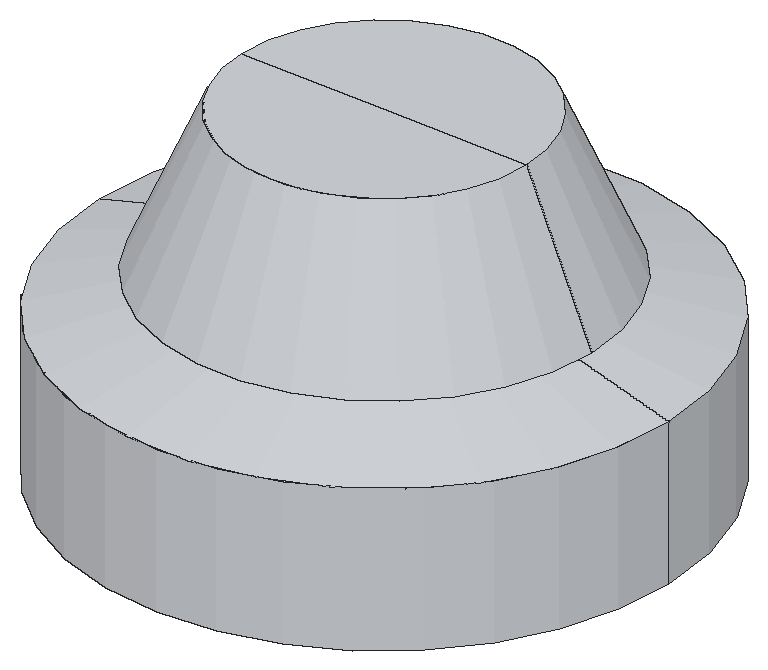
Revit family "BM_Waermemelder_V1700", category Brandmelder, Revit 2017
Family settings
  Beschriftungsausrichtung beibehalten = Nein
  Bemaßung runder Anschluss = Durchmesser verwenden
  Teiletyp = Normal
  OmniClass-Nummer = 23.85.30.21.11
  OmniClass-Titel = Fire Detection, Monitoring and Alarm
  Arbeitsebenenbasiert = Ja
  Immer vertikal = Ja
  Beim Laden mit Abzugskörper schneiden = Nein
  Gemeinsam genutzt = Nein
  Raumberechnungspunkt = Ja
Parameters (values of type "Wearmemelder_diff_linie")
  pbr_Material_KZ = ""
  pbr_Material = none
  pbr_E_Typ = ""
  pbr_E_KZ = ""
  pbr_DINBild = 0
  pbr_Bild = 0
  pbr_3Dx_Delta_Korrekturversatz [instance] = 0 mm
  pbr_3DX_Versatzfaktor [instance] = 0
  pbr_2DY_Versatzfaktor [instance] = 0
  pbr_2DX_Versatzfaktor [instance] = 0
  lfd_STRK [instance] = 0
  Zentrale [instance] = ""
  YFrontversatz [instance] = if(pbr_2DY_Versatzfaktor = 300, 0 mm, pbr_2DY_Versatzfaktor * 300 mm)  # 0 mm
  XSeitenversatz [instance] = if(pbr_2DX_Versatzfaktor = 0, 3000 mm, 3000 mm + (pbr_2DX_Versatzfaktor * 300 mm)) + Eckversatz  # 3000 mm
  X3Dversatz [instance] = if([3DX_Versatzkontrolle] = 0, 2000 mm, 2000 mm + ([3DX_Versatzkontrolle] * (300 mm - Breite))) + pbr_3Dx_Delta_Korrekturversatz  # 2000 mm
  Wärmemelder maximal mehrpunktförmig = no
  Wärmemelder maximal linienförmig = no
  Wärmemelder maximal = no
  Wärmemelder differenzial mehrpunktförmig = no
  Wärmemelder differenzial linienförmig = yes
  Wärmemelder differenzial = no
  Winkel [instance] = 0.00°
  Warntonsirene nicht Loop = no
  Default Elevation = 1219.2 mm
  Typ [instance] = ""
  Tiefe = Breite  # 200 mm
  Text3 [instance] = ""
  Text2 [instance] = ""
  Text1 [instance] = ""
  Temperaturmelder diff (Wärmemelder) = no
  Temperaturmelder = no
  Symbollänge [instance] = 0 mm
  Symbolabstand [instance] = if(Symbollänge = 0 mm, Breite, Symbollänge)  # 200 mm
  Spannung [instance] = 0
  Scheinleistung [instance] = 0 VA
  Polig [instance] = 1
  Planungsbüro Osnabrück = "www.pbr.de"
  Niveau [instance] = 0 mm
  Netzart = ""
  Nennstrom [instance] = 0
  Menge (Dosenzahl) [instance] = 1
  Loop [instance] = ""
  Linie/Anschluss [instance] = ""
  Leistungsfaktor [instance] = 0
  Lastklassifizierung = none
  Installationsart = ""
  Info [instance] = ""
  Höhe = 80 mm
  Gewerk [instance] = "Brandmelder"
  Eckversatz [instance] = 0 mm
  Bus [instance] = ""
  Breite = 200 mm
  Betriebsstrom ruhe [instance] = 0
  Betriebsstrom max [instance] = 0
  3DX_Versatzkontrolle [instance] = if(pbr_3DX_Versatzfaktor = 0, (pbr_2DX_Versatzfaktor * -1), (((-1 * pbr_3DX_Versatzfaktor) + pbr_2DX_Versatzfaktor) * -1))  # 0
Types (9, lengths in mm): name | Wärmemelder maximal mehrpunktförmig | Wärmemelder maximal linienförmig | Wärmemelder maximal | Wärmemelder differenzial mehrpunktförmig | Wärmemelder differenzial linienförmig | Wärmemelder differenzial | Warntonsirene nicht Loop | Temperaturmelder diff (Wärmemelder) | Temperaturmelder
  Temperaturmelder_diff | no | no | no | no | no | no | no | yes | no
  Temperaturmelder | no | no | no | no | no | no | no | no | yes
  Waermemelder_diff | no | no | no | no | no | yes | no | no | no
  Wearmemelder_diff_linie | no | no | no | no | yes | no | no | no | no
  Waermemelder_diff_mehrpunkt | no | no | no | yes | no | no | no | no | no
  Waermemelder_max | no | no | yes | no | no | no | no | no | no
  Waermemelder_max_linie | no | yes | no | no | no | no | no | no | no
  Waermemelder_max_mehrpunkt | yes | no | no | no | no | no | no | no | no
  Warntonsirene_n_Loop | no | no | no | no | no | no | yes | no | no
Reference planes
  plane 1 "Mitte (Vorne/Hinten)": y = 0
  plane 2: z = 0
  plane 3 "Mitte (Links/Rechts)": x = 0
  plane 4: y = 100
  plane 5: x = 100
  plane 6: y = -100
  plane 7: x = -100
  plane 8: y = -100
  plane 9: y = 100
  plane 10: x = -100
  plane 11: x = 100
  plane 12: z = 80
  plane 13: z = 40
Forms (mm)
  Revolve 1, solid
    sketch origin (0.104, 0.058, -0.046) x (1, 0, 0) y (0, 0, 1)
      loop
        line (0, 80.046) -> (0, 0) -> (70, 0) -> (70, 35.773) -> (38, 44.32) -> (51, 44.32) -> (34.989, 80.046) -> (0, 80.046)
      axis (0, 0) -> (0, 80.046)
    angle from 0 to 360
Lines and regions (mm)
  reference lines
    curve 1: line (0, 0, 1407.319) -> (0, 0, 1447.319)
Dimensions and locks
  equal spacing: plane 7, plane 3 "Mitte (Links/Rechts)", plane 5
  equal spacing: plane 6, plane 1 "Mitte (Vorne/Hinten)", plane 4
  "Symbolabstand": plane 7 to plane 5
  plane 4 to plane 6 = 200 mm
  equal spacing: plane 8, plane 1 "Mitte (Vorne/Hinten)", plane 9
  "Tiefe": plane 8 to plane 9
  equal spacing: plane 10, plane 3 "Mitte (Links/Rechts)", plane 11
  "Breite": plane 10 to plane 11
  "Höhe": plane 12 to level
  equal spacing: plane 12, plane 13, level
  equal spacing: Revolve 1 sketch curve, plane 13, Revolve 1 sketch curve
  locked: Revolve 1 sketch curve to plane 13 at 4.274
  aligned and locked: level to plane 2
  aligned and locked: Revolve 1 sketch curve to plane 12
  aligned and locked: plane 3 "Mitte (Links/Rechts)" to nested 1
  aligned and locked: plane 1 "Mitte (Vorne/Hinten)" to nested 1
  aligned and locked: plane 3 "Mitte (Links/Rechts)" to nested 2
  aligned and locked: plane 1 "Mitte (Vorne/Hinten)" to nested 2
  aligned and locked: plane 3 "Mitte (Links/Rechts)" to nested 3
  aligned and locked: plane 1 "Mitte (Vorne/Hinten)" to nested 3
  aligned and locked: plane 3 "Mitte (Links/Rechts)" to nested 4
  aligned and locked: plane 1 "Mitte (Vorne/Hinten)" to nested 4
  aligned and locked: plane 3 "Mitte (Links/Rechts)" to nested 5
  aligned and locked: plane 1 "Mitte (Vorne/Hinten)" to nested 5
  aligned and locked: plane 3 "Mitte (Links/Rechts)" to nested 6
  aligned and locked: plane 1 "Mitte (Vorne/Hinten)" to nested 6
  aligned and locked: plane 3 "Mitte (Links/Rechts)" to nested 7
  aligned and locked: plane 1 "Mitte (Vorne/Hinten)" to nested 7
  aligned and locked: plane 3 "Mitte (Links/Rechts)" to nested 8
  aligned and locked: plane 1 "Mitte (Vorne/Hinten)" to nested 8
  aligned and locked: plane 3 "Mitte (Links/Rechts)" to nested 9
  aligned and locked: plane 1 "Mitte (Vorne/Hinten)" to nested 9
Automatic sketch dimensions
  curve 1 to plane 3 "Mitte (Links/Rechts)" = 0 mm
  level to curve 1 = 1407.319 mm
  curve 1 to curve 1 = 40 mm
  plane 3 "Mitte (Links/Rechts)" to Revolve 1 sketch curve = 0.104 mm  (x2)
  Revolve 1 sketch curve to Revolve 1 sketch curve = 34.989 mm
  Revolve 1 sketch curve to Revolve 1 sketch curve = 3.011 mm
  Revolve 1 sketch curve to Revolve 1 sketch curve = 13 mm
  Revolve 1 sketch curve to level = 0.046 mm
  Revolve 1 sketch curve to plane 5 = 29.896 mm
  level to Revolve 1 sketch curve = 31.904 mm
  Revolve 1 sketch curve to Revolve 1 sketch curve = 48.349 mm
Nested families
  nested 1: "Temperaturmelder (BMA)" at (0, 0, 0), visible <- "Temperaturmelder", type "Temperaturmelder (BMA)"
  nested 2: "Temperaturmelder diff (Wärmemelder) (BMA)" at (0, 0, 0), visible <- "Temperaturmelder diff (Wärmemelder)", type "Temperaturmelder diff (Wärmemelder) (BMA)"
  nested 3: "Warntonsirene nicht Loop (BMA)" at (0, 0, 0), visible <- "Warntonsirene nicht Loop", type "Warntonsirene nicht Loop (BMA)"
  nested 4: "Wärmemelder differenzial (WMD) (BMA)" at (0, 0, 0), visible <- "Wärmemelder differenzial", type "Wärmemelder differenzial (WMD) (BMA)"
  nested 5: "Wärmemelder differenzial linienförmig (WLD) (BMA)" at (0, 0, 0), visible <- "Wärmemelder differenzial linienförmig", type "Wärmemelder differenzial linienförmig (WLD) (BMA)"
  nested 6: "Wärmemelder differenzial mehrpunktförmig (MWD) (BMA)" at (0, 0, 0), visible <- "Wärmemelder differenzial mehrpunktförmig", type "Wärmemelder differenzial mehrpunktförmig (MWD) (BMA)"
  nested 7: "Wärmemelder maximal (WMM)(BMA)" at (0, 0, 0), visible <- "Wärmemelder maximal", type "Wärmemelder maximal (WMM)(BMA)"
  nested 8: "Wärmemelder maximal linienförmig (WLM)(BMA)" at (0, 0, 0), visible <- "Wärmemelder maximal linienförmig", type "Wärmemelder maximal linienförmig (WLM)(BMA)"
  nested 9: "Wärmemelder maximal mehrpunktfömig (MWM)(BMA)" at (0, 0, 0), visible <- "Wärmemelder maximal mehrpunktförmig", type "Wärmemelder maximal mehrpunktfömig (MWM)(BMA)"
Connectors
  electrical at (0.104, 0.058, 80)
    settings: on Revolve 1, index 1, voltage 12 V, apparent load 1 VA, apparent load phase1 0 VA, apparent load phase2 0 VA, apparent load phase3 0 VA, power factor 1, load classification "Sonstige", number of poles 1, system type 11, power factor state 1, is connector primary yes, connector utility no, sub classification motor no, connector description ""
Definition of nested family "Temperaturmelder (BMA)"
  Reference planes
    plane 1 "Mitte (Vorne/Hinten)": y = 0
    plane 2: z = 0
    plane 3 "Mitte (Links/Rechts)": x = 0
    plane 4: x = 0
    plane 5: y = 0
  Lines and regions (mm)
    detail lines, in view "Referenzebene"
      curve 1: line (-132, 132, 0) -> (-132, -132, 0)
      curve 2: line (-132, -132, 0) -> (132, -132, 0)
      curve 3: line (132, -132, 0) -> (132, 132, 0)
      curve 4: line (132, 132, 0) -> (-132, 132, 0)
      curve 5: line (-80.913, 8.061, 0) -> (-70.081, 28.483, 0)
      curve 6: line (-70.081, 28.483, 0) -> (-50.823, 47.703, 0)
      curve 7: line (-50.823, 47.703, 0) -> (-31.565, 48.304, 0)
      curve 8: line (-31.565, 48.304, 0) -> (-20.732, 39.294, 0)
      curve 9: line (-20.732, 39.294, 0) -> (-20.732, 17.07, 0)
      curve 10: line (-20.732, 17.07, 0) -> (-30.963, -29.179, 0)
      curve 11: line (-30.963, -29.179, 0) -> (-31.186, -61.859, 0)
      curve 12: line (-31.186, -61.859, 0) -> (-21.3, -80.608, 0)
      curve 13: line (-21.3, -80.608, 0) -> (-12.896, -88.502, 0)
      curve 14: line (-12.896, -88.502, 0) -> (8.855, -90.476, 0)
      curve 15: line (8.855, -90.476, 0) -> (28.629, -79.621, 0)
      curve 16: line (28.629, -79.621, 0) -> (58.015, -31.176, 0)
      curve 17: line (58.015, -31.176, 0) -> (67.753, 0.075, 0)
      curve 18: line (67.753, 0.075, 0) -> (76.44, 47.469, 0)
      curve 19: line (76.44, 47.469, 0) -> (76.875, 77.634, 0)
      curve 20: line (76.875, 77.634, 0) -> (66.784, 106.685, 0)
      curve 21: line (66.784, 106.685, 0) -> (47.384, 116.582, 0)
      curve 22: line (47.384, 116.582, 0) -> (27.983, 116.582, 0)
      curve 23: line (27.983, 116.582, 0) -> (18.068, 96.789, 0)
      curve 24: line (18.068, 96.789, 0) -> (17.637, 76.135, 0)
      curve 25: line (17.637, 76.135, 0) -> (28.415, 47.306, 0)
      curve 26: line (28.415, 47.306, 0) -> (47.779, 18.109, 0)
      curve 27: line (47.779, 18.109, 0) -> (67.032, -1.865, 0)
      curve 28: line (67.032, -1.865, 0) -> (96.459, -21.271, 0)
Definition of nested family "Temperaturmelder diff (Wärmemelder) (BMA)"
  Reference planes
    plane 1 "Mitte (Vorne/Hinten)": y = 0
    plane 2: z = 0
    plane 3 "Mitte (Links/Rechts)": x = 0
    plane 4: x = 0
    plane 5: y = 0
    plane 6: x = 0
    plane 7: y = 0
  Lines and regions (mm)
    detail lines, in view "Referenzebene"
      curve 1: arc (-101.25, -54, 0) -> (-60.75, -94.5, 0) -> (-20.25, -54, 0) r 40.5
      curve 2: arc (20.25, -54, 0) -> (60.75, -94.5, 0) -> (101.25, -54, 0) r 40.5
      curve 3: line (-135, 135, 0) -> (-135, -135, 0)
      curve 4: line (-135, -135, 0) -> (135, -135, 0)
      curve 5: line (135, -135, 0) -> (135, 135, 0)
      curve 6: line (135, 135, 0) -> (-135, 135, 0)
      curve 7: line (-101.25, 74.25, 0) -> (-101.25, -54, 0)
      curve 8: line (-20.25, -20.25, 0) -> (-20.25, -54, 0)
      curve 9: line (-20.25, -54, 0) -> (20.25, -54, 0)
      curve 10: line (101.25, 74.25, 0) -> (101.25, -54, 0)
Definition of nested family "Warntonsirene nicht Loop (BMA)"
  Reference planes
    plane 1 "Mitte (Vorne/Hinten)": y = 0
    plane 2: z = 0
    plane 3 "Mitte (Links/Rechts)": x = 0
  Lines and regions (mm)
    detail lines, in view "Referenzebene"
      curve 1: line (-132, 147.84, 0) -> (-132, -116.16, 0)
      curve 2: line (-132, -116.16, 0) -> (132, -116.16, 0)
      curve 3: line (132, -116.16, 0) -> (132, 147.84, 0)
      curve 4: line (132, 147.84, 0) -> (-132, 147.84, 0)
      curve 5: line (-73.92, -110.88, 0) -> (-73.92, 0, 0)
      curve 6: line (73.92, -110.88, 0) -> (73.92, 0, 0)
      curve 7: line (132, 0, 0) -> (0, 147.84, 0)
      curve 8: line (0, 147.84, 0) -> (-132, 0, 0)
      curve 9: line (-132, 0, 0) -> (132, 0, 0)
Definition of nested family "Wärmemelder differenzial (WMD) (BMA)"
  Reference planes
    plane 1 "Mitte (Vorne/Hinten)": y = 0
    plane 2: z = 0
    plane 3 "Mitte (Links/Rechts)": x = 0
    plane 4: x = 0
    plane 5: y = 0
  Lines and regions (mm)
    detail lines, in view "Referenzebene"
      curve 1: arc (-80.368, -38.93, 0) -> (-54.838, -92.097, 0) -> (0.207, -113.277, 0) r 79.922
      curve 2: arc (0.207, -113.277, 0) -> (55.253, -92.097, 0) -> (80.783, -38.93, 0) r 79.922
      curve 3: line (-80.368, -38.93, 0) -> (-80.368, 66.76, 0)
      curve 4: line (-104.954, 103.481, 0) -> (-55.165, 103.481, 0)
      curve 5: line (-55.165, 103.481, 0) -> (-80.301, 66.76, 0)
      curve 6: line (-80.301, 66.76, 0) -> (-104.954, 103.481, 0)
      curve 7: line (-134.946, 134.885, 0) -> (-134.946, -134.885, 0)
      curve 8: line (-134.946, -134.885, 0) -> (134.946, -134.885, 0)
      curve 9: line (134.946, -134.885, 0) -> (134.946, 134.885, 0)
      curve 10: line (134.946, 134.885, 0) -> (-134.946, 134.885, 0)
      curve 11: line (80.783, -38.93, 0) -> (80.783, 66.76, 0)
      curve 12: line (105.368, 103.481, 0) -> (55.58, 103.481, 0)
      curve 13: line (55.58, 103.481, 0) -> (80.716, 66.76, 0)
      curve 14: line (80.716, 66.76, 0) -> (105.368, 103.481, 0)
Definition of nested family "Wärmemelder differenzial linienförmig (WLD) (BMA)"
  Reference planes
    plane 1 "Mitte (Vorne/Hinten)": y = 0
    plane 2: z = 0
    plane 3 "Mitte (Links/Rechts)": x = 0
    plane 4: x = 0
    plane 5: y = 0
  Lines and regions (mm)
    Filled region 1, type "Beton", in view "Referenzebene"
      outline origin (762.649, -649.627, 0) x (1, 0, 0) y (0, 1, 0)
        loop
          line (-678.102, 773.041) -> (-678.102, 697.271) -> (-633.06, 733.509) -> (-678.102, 773.041)
    detail lines, in view "Referenzebene"
      curve 1: arc (-109.172, -83.029, 0) -> (-66.804, -125.08, 0) -> (-25.313, -82.163, 0) r 41.936
      curve 2: line (84.547, 123.414, 0) -> (129.589, 83.882, 0)
      curve 3: line (129.589, 83.882, 0) -> (84.547, 47.644, 0)
      curve 4: line (84.547, 47.644, 0) -> (84.547, 123.414, 0)
      curve 5: line (84.547, 103.282, 0) -> (-118.693, 103.282, 0)
      curve 6: line (84.547, 67.776, 0) -> (-118.327, 67.776, 0)
      curve 7: line (-109.172, -83.029, 0) -> (-109.172, 16.531, 0)
      curve 8: line (-25.313, -82.163, 0) -> (-25.313, 16.536, 0)
      curve 9: line (-120.524, 41.787, 0) -> (-94.89, 41.787, 0)
      curve 10: line (-94.89, 41.787, 0) -> (-109.172, 16.531, 0)
      curve 11: line (-109.172, 16.531, 0) -> (-120.524, 41.787, 0)
      curve 12: line (-36.685, 41.758, 0) -> (-11.051, 41.758, 0)
      curve 13: line (-11.051, 41.758, 0) -> (-25.333, 16.501, 0)
      curve 14: line (-25.333, 16.501, 0) -> (-36.685, 41.758, 0)
      curve 15: line (-135.237, -135.177, 0) -> (-135.237, 135.177, 0)
      curve 16: line (-135.237, 135.177, 0) -> (135.237, 135.177, 0)
      curve 17: line (135.237, 135.177, 0) -> (135.237, -135.177, 0)
      curve 18: line (135.237, -135.177, 0) -> (-135.237, -135.177, 0)
Definition of nested family "Wärmemelder differenzial mehrpunktförmig (MWD) (BMA)"
  Reference planes
    plane 1 "Mitte (Vorne/Hinten)": y = 0
    plane 2: z = 0
    plane 3 "Mitte (Links/Rechts)": x = 0
    plane 4: x = 0
    plane 5: y = 0
    plane 6: y = 0
    plane 7: x = 0
  Lines and regions (mm)
    Filled region 1, type "Beton", in view "Referenzebene"
      outline origin (688.134, -811.866, 0) x (1, 0, 0) y (0, 1, 0)
        loop
          line (-604.078, 935.441) -> (-604.078, 859.671) -> (-559.036, 895.909) -> (-604.078, 935.441)
        loop
          line (-637.361, 879.804) -> (-637.361, 915.309) -> (-683.781, 915.309) -> (-683.781, 879.804) -> (-637.361, 879.804)
        loop
          line (-733.017, 879.804) -> (-733.017, 915.309) -> (-779.437, 915.309) -> (-779.437, 879.804) -> (-733.017, 879.804)
        loop
          line (-797.797, 828.558) -> (-783.516, 853.815) -> (-809.15, 853.815) -> (-797.797, 828.558)
        loop
          line (-725.377, 853.735) -> (-714.025, 828.478) -> (-699.743, 853.735) -> (-725.377, 853.735)
    detail lines, in view "Referenzebene"
      curve 1: arc (-109.663, -82.868, 0) -> (-67.295, -124.918, 0) -> (-25.804, -82.002, 0) r 41.936
      curve 2: line (84.056, 123.575, 0) -> (129.098, 84.043, 0)
      curve 3: line (129.098, 84.043, 0) -> (84.056, 47.806, 0)
      curve 4: line (84.056, 47.806, 0) -> (84.056, 123.575, 0)
      curve 5: line (84.056, 103.443, 0) -> (-119.184, 103.443, 0)
      curve 6: line (84.056, 67.938, 0) -> (-118.818, 67.938, 0)
      curve 7: line (-109.663, -82.868, 0) -> (-109.663, 16.692, 0)
      curve 8: line (-25.804, -82.002, 0) -> (-25.804, 16.698, 0)
      curve 9: line (-121.015, 41.949, 0) -> (-95.381, 41.949, 0)
      curve 10: line (-95.381, 41.949, 0) -> (-109.663, 16.692, 0)
      curve 11: line (-109.663, 16.692, 0) -> (-121.015, 41.949, 0)
      curve 12: line (-37.243, 41.869, 0) -> (-11.609, 41.869, 0)
      curve 13: line (-11.609, 41.869, 0) -> (-25.891, 16.612, 0)
      curve 14: line (-25.891, 16.612, 0) -> (-37.243, 41.869, 0)
      curve 15: line (-91.303, 103.443, 0) -> (-91.303, 67.938, 0)
      curve 16: line (-44.883, 103.443, 0) -> (-44.883, 67.938, 0)
      curve 17: line (50.774, 103.443, 0) -> (50.774, 67.938, 0)
      curve 18: line (4.354, 103.443, 0) -> (4.354, 67.938, 0)
      curve 19: line (-134.961, -134.9, 0) -> (-134.961, 134.9, 0)
      curve 20: line (-134.961, 134.9, 0) -> (134.961, 134.9, 0)
      curve 21: line (134.961, 134.9, 0) -> (134.961, -134.9, 0)
      curve 22: line (134.961, -134.9, 0) -> (-134.961, -134.9, 0)
Definition of nested family "Wärmemelder maximal (WMM)(BMA)"
  Reference planes
    plane 1 "Mitte (Vorne/Hinten)": y = 0
    plane 2: z = 0
    plane 3 "Mitte (Links/Rechts)": x = 0
    plane 4: x = 0
    plane 5: y = 0
  Lines and regions (mm)
    detail lines, in view "Referenzebene"
      curve 1: arc (-80.368, -38.93, 0) -> (-0.157, -113.28, 0) -> (79.148, -37.963, 0) r 79.922
      curve 2: line (-80.368, -38.93, 0) -> (-80.368, 67.609, 0)
      curve 3: line (-105.016, 103.871, 0) -> (-55.228, 103.871, 0)
      curve 4: line (-55.228, 103.871, 0) -> (-80.364, 67.15, 0)
      curve 5: line (-80.364, 67.15, 0) -> (-105.016, 103.871, 0)
      curve 6: line (-134.946, 134.885, 0) -> (-134.946, -134.885, 0)
      curve 7: line (-134.946, -134.885, 0) -> (134.946, -134.885, 0)
      curve 8: line (134.946, -134.885, 0) -> (134.946, 134.885, 0)
      curve 9: line (134.946, 134.885, 0) -> (-134.946, 134.885, 0)
Definition of nested family "Wärmemelder maximal linienförmig (WLM)(BMA)"
  Reference planes
    plane 1 "Mitte (Vorne/Hinten)": y = 0
    plane 2: z = 0
    plane 3 "Mitte (Links/Rechts)": x = 0
    plane 4: x = 0
    plane 5: y = 0
    plane 6: x = 0
    plane 7: y = 0
  Lines and regions (mm)
    Filled region 1, type "Beton", in view "Referenzebene"
      outline origin (741.047, -657.845, 0) x (1, 0, 0) y (0, 1, 0)
        loop
          line (-656.5, 705.489) -> (-611.458, 741.727) -> (-656.5, 781.259) -> (-656.5, 705.489)
        loop
          line (-850.219, 674.376) -> (-835.938, 699.632) -> (-861.572, 699.632) -> (-850.219, 674.376)
    detail lines, in view "Referenzebene"
      curve 1: arc (-109.172, -83.029, 0) -> (-66.804, -125.08, 0) -> (-25.313, -82.163, 0) r 41.936
      curve 2: line (84.547, 123.414, 0) -> (129.589, 83.882, 0)
      curve 3: line (129.589, 83.882, 0) -> (84.547, 47.644, 0)
      curve 4: line (84.547, 47.644, 0) -> (84.547, 123.414, 0)
      curve 5: line (84.547, 103.282, 0) -> (-118.693, 103.282, 0)
      curve 6: line (84.547, 67.776, 0) -> (-118.327, 67.776, 0)
      curve 7: line (-109.172, -83.029, 0) -> (-109.172, 16.531, 0)
      curve 8: line (-25.313, -82.163, 0) -> (-25.313, -44.424, 0)
      curve 9: line (-120.524, 41.787, 0) -> (-94.89, 41.787, 0)
      curve 10: line (-94.89, 41.787, 0) -> (-109.172, 16.531, 0)
      curve 11: line (-109.172, 16.531, 0) -> (-120.524, 41.787, 0)
      curve 12: line (-135.237, -135.177, 0) -> (-135.237, 135.177, 0)
      curve 13: line (-135.237, 135.177, 0) -> (135.237, 135.177, 0)
      curve 14: line (135.237, 135.177, 0) -> (135.237, -135.177, 0)
      curve 15: line (135.237, -135.177, 0) -> (-135.237, -135.177, 0)
Definition of nested family "Wärmemelder maximal mehrpunktfömig (MWM)(BMA)"
  Reference planes
    plane 1 "Mitte (Vorne/Hinten)": y = 0
    plane 2: z = 0
    plane 3 "Mitte (Links/Rechts)": x = 0
    plane 4: y = 0
    plane 5: x = 0
    plane 6: y = 0
  Lines and regions (mm)
    Filled region 1, type "Beton", in view "Referenzebene"
      outline origin (644.888, -663.138, 0) x (1, 0, 0) y (0, 1, 0)
        loop
          line (-562.997, 709.713) -> (-519.114, 745.018) -> (-562.997, 783.532) -> (-562.997, 709.713)
        loop
          line (-595.422, 729.327) -> (-595.422, 763.918) -> (-640.647, 763.918) -> (-640.647, 729.327) -> (-595.422, 729.327)
        loop
          line (-688.616, 729.327) -> (-688.616, 763.918) -> (-733.841, 763.918) -> (-733.841, 729.327) -> (-688.616, 729.327)
        loop
          line (-751.728, 679.401) -> (-737.814, 704.007) -> (-762.788, 704.007) -> (-751.728, 679.401)
    detail lines, in view "Referenzebene"
      curve 1: arc (-106.839, -80.734, 0) -> (-65.562, -121.702, 0) -> (-25.139, -79.89, 0) r 40.856
      curve 2: line (81.892, 120.394, 0) -> (125.775, 81.879, 0)
      curve 3: line (125.775, 81.879, 0) -> (81.892, 46.575, 0)
      curve 4: line (81.892, 46.575, 0) -> (81.892, 120.394, 0)
      curve 5: line (81.892, 100.78, 0) -> (-116.116, 100.78, 0)
      curve 6: line (81.892, 66.188, 0) -> (-115.759, 66.188, 0)
      curve 7: line (-106.839, -80.734, 0) -> (-106.839, 16.263, 0)
      curve 8: line (-25.139, -79.89, 0) -> (-25.139, -37.308, 0)
      curve 9: line (-117.899, 40.869, 0) -> (-92.925, 40.869, 0)
      curve 10: line (-92.925, 40.869, 0) -> (-106.839, 16.263, 0)
      curve 11: line (-106.839, 16.263, 0) -> (-117.899, 40.869, 0)
      curve 12: line (-88.952, 100.78, 0) -> (-88.952, 66.188, 0)
      curve 13: line (-43.727, 100.78, 0) -> (-43.727, 66.188, 0)
      curve 14: line (49.466, 100.78, 0) -> (49.466, 66.188, 0)
      curve 15: line (4.241, 100.78, 0) -> (4.241, 66.188, 0)
      curve 16: line (-131.486, -131.427, 0) -> (-131.486, 131.427, 0)
      curve 17: line (-131.486, 131.427, 0) -> (131.486, 131.427, 0)
      curve 18: line (131.486, 131.427, 0) -> (131.486, -131.427, 0)
      curve 19: line (131.486, -131.427, 0) -> (-131.486, -131.427, 0)
